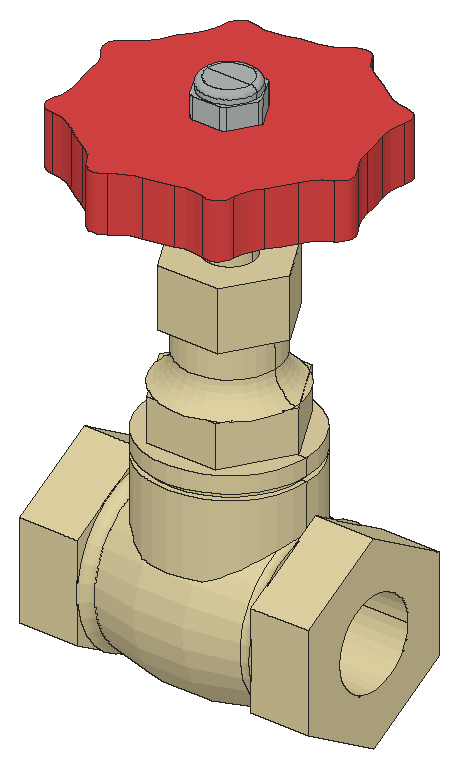
Revit family "DA04100000", category Apparecchi idraulici, Revit 2020
Family settings
  Quota connettore circolare = Usa diametro
  Tipo di parte = Normale
  Numero OmniClass = 23.45.00.00
  Titolo OmniClass = Sanitary, Laundry, and Cleaning Equipment
  Basato su piano di lavoro = No
  Sempre verticale = Sì
  Taglio con vuoti quando caricato = No
  Condiviso = No
  Punto di calcolo locali = No
Parameters
  URL = "https://web.cimberio.com/index.php/figura/672?subcategoria_id="
  Temperatura di esercizio = "-10 ÷ 170°C"
  Prospetto di default = 0 mm
  Produttore = "CIMBERIO SPA"
  Pressione nominale = "PN 16"
  Modello = "Cim 75"
  Materiale = "Prodotto in lega di ottone conforme alla norma EN 12165-CW617N-DW"
  Descrizione = "Utilizzato nei più svariati settori dell’impiantistica ed in ogni applicazione industriale ed agricola dove è richiesta una regolazione: impianti di riscaldamento, idrici, igienico sanitari, aria compressa, reti di distribuzione vapore saturo, olii, benzine, petrolio ed altri idrocarburi e in generale con ogni fluido non corrosivo"
  DN Model [instance] = DA04101015 : DA04101015
  DN [instance] = 15 mm
  Commenti sul tipo = "Realizzato in ottemperanza ai requisiti gestionali della norma EN ISO 9001.\r\nCollaudato al 100% secondo la normativa EN 12266-1"
Reference planes
  plane 1 "Centro (Fronte/Retro)": y = 0
  plane 2: z = 0
  plane 3 "Centro (Sinistra/Destra)": x = 0
Dimensions and locks
  aligned and locked: level to plane 2
Nested families
  nested 1: "DA04101015" at (0, 0, 0), type <- "DN Model", type "DA04101015"
  nested 2: "DA04101015" at (0, 0, 0), type <- "DN Model", type "DA04101015"
  nested 3: "DA04101015" at (0, 0, 0), type <- "DN Model", type "DA04101015"
  nested 4: "DA04101015" at (0, 0, 0), type <- "DN Model", type "DA04101015"
  nested 5: "DA04101015" at (0, 0, 0), type <- "DN Model", type "DA04101015"
  nested 6: "DA04101015" at (0, 0, 0), type <- "DN Model", type "DA04101015"
  nested 7: "DA04101015" at (0, 0, 0), type <- "DN Model", type "DA04101015"
  nested 8: "DA04101015" at (0, 0, 0), type <- "DN Model", type "DA04101015"
  nested 9: "DA04101015" at (0, 0, 0), type <- "DN Model", type "DA04101015"
Connectors
  piping at (25, 0, 0), diameter 15, driven by "DN"
    settings: on nested 1, index 1, connector inside diameter 609.6 mm, connector length 0 mm, flow factor 0, pipe flow 0.0 L/s, pressure drop 0.0 Pa, fitting loss kfactor 0, connector angle 0.00°, fixture units 0, engagement length 0 mm, angle of deflection 0.00°, flow configuration 0, flow direction 0, fitting loss method 0, system type 7, joint type 0, gender type 0, connector reference index -1, connector utility 0, adjustable connector no, is connector primary yes, connector description ""
  piping at (-25, 0, 0), diameter 15, driven by "DN"
    settings: on nested 1, index 2, connector inside diameter 609.6 mm, connector length 0 mm, flow factor 0, pipe flow 0.0 L/s, pressure drop 0.0 Pa, fitting loss kfactor 0, connector angle 0.00°, fixture units 0, engagement length 0 mm, angle of deflection 0.00°, flow configuration 0, flow direction 0, fitting loss method 0, system type 7, joint type 0, gender type 0, connector reference index -1, connector utility 0, adjustable connector no, is connector primary no, connector description ""
Definition of nested family "DA04101015"
  Parameters (values of type "DA04101015")
    Default Elevation = 0 mm
  Reference planes
    plane 1 "Centro (Fronte/Retro)": y = 0
    plane 2: z = 0
    plane 3 "Centro (Sinistra/Destra)": x = 0
  Forms (mm)
    Revolve 1, solid
      sketch origin (0, 0, 0) x (1, 0, 0) y (0, 0, 1)
        loop
          line (-14.944, -7.5) -> (-14.944, -14.342)
          arc (-14.944, -14.342) -> (-13.941, -13.466) -> (-12.611, -13.419) r 1.987
          arc (-12.611, -13.419) -> (-0.009, -15.365) -> (12.592, -13.419) r 41.77
          arc (12.592, -13.419) -> (14.011, -13.499) -> (15.02, -14.5) r 2.003
          line (15.02, -14.5) -> (15.02, -7.5) -> (-14.944, -7.5)
        axis (-14.944, 0) -> (15.02, 0)
      angle from 0 to 360
    Extrusion 2, solid
      sketch origin (0, 0, 0) x (0, 1, 0) y (0, 0, 1)
        loop
          circle (0, 0) r 7.5
        loop
          line (0, 16.25) -> (-14.073, 8.125) -> (-14.073, -8.125) -> (0, -16.25) -> (14.073, -8.125) -> (14.073, 8.125) -> (0, 16.25)
      from -25 to -14.944
    Revolve 3, solid
      sketch origin (0, 0, 0) x (1, 0, 0) y (0, 0, 1)
        loop
          line (0, 24.866) -> (-13.5, 24.866) -> (-13.5, 22) -> (-12.5, 22) -> (-12.5, 21) -> (-13.5, 21) -> (-13.5, 8.117) -> (0, 8.117) -> (0, 24.866)
        axis (0, 24.866) -> (0, 8.117)
      angle from 0 to 360
    Extrusion 4, solid
      sketch origin (0, 0, 0) x (0, -1, 0) y (1, 0, 0)
        loop
          line (0, -12) -> (10.392, -6) -> (10.392, 6) -> (0, 12) -> (-10.392, 6) -> (-10.392, -6) -> (0, -12)
      from 24.866 to 31.987
    Revolve 5, solid
      sketch origin (0, 0, -4.817) x (1, 0, 0) y (0, 0, 1)
        loop
          line (0, 48) -> (-7.95, 48) -> (-8, 41.503)
          arc (-8, 41.503) -> (-8.914, 38.642) -> (-11.29, 36.804) r 5.056
          line (-11.29, 36.804) -> (0, 36.804) -> (0, 48)
        axis (0, 48) -> (0, 36.804)
      angle from 0 to 360
    Extrusion 6, solid
      sketch origin (0, 0, 0) x (0, -1, 0) y (1, 0, 0)
        loop
          line (0, -10.4) -> (9.007, -5.2) -> (9.007, 5.2) -> (0, 10.4) -> (-9.007, 5.2) -> (-9.007, -5.2) -> (0, -10.4)
      from 42 to 52
    Revolve 7, solid
      sketch origin (0, 0, -2.5) x (1, 0, 0) y (0, 0, 1)
        loop
          line (-8, 67) -> (-8, 65.501)
          arc (-8, 65.501) -> (-7.853, 65.147) -> (-7.499, 65) r 0.501
          line (-7.499, 65) -> (-4, 65) -> (-4, 54.373) -> (0, 54.373) -> (0, 67) -> (-8, 67)
        axis (0, 67) -> (0, 54.373)
      angle from 0 to 360
    Extrusion 8, solid
      sketch origin (0.001, 0, 0) x (0.934985, 0.354687, 0) y (-0.354687, 0.934985, 0)
        loop
          line (-1.377, 5.329) -> (-4.94, 2.419)
          arc (-4.94, 2.419) -> (-5.249, 1.991) -> (-5.302, 1.465) r 1.021
          line (-5.302, 1.465) -> (-4.565, -3.074)
          arc (-4.565, -3.074) -> (-4.349, -3.551) -> (-3.924, -3.858) r 1.012
          line (-3.924, -3.858) -> (0.37, -5.486)
          arc (0.37, -5.486) -> (0.9, -5.54) -> (1.387, -5.321) r 1.03
          line (1.387, -5.321) -> (4.931, -2.427)
          arc (4.931, -2.427) -> (5.246, -1.989) -> (5.3, -1.452) r 1.042
          line (5.3, -1.452) -> (4.567, 3.058)
          arc (4.567, 3.058) -> (4.346, 3.549) -> (3.909, 3.863) r 1.04
          line (3.909, 3.863) -> (-0.382, 5.491)
          arc (-0.382, 5.491) -> (-0.901, 5.543) -> (-1.377, 5.329) r 1.007
      from 73 to 77.5
    Revolve 9, solid
      sketch origin (0, 0, -1.69) x (1, 0, 0) y (0, 0, 1)
        loop
          line (0, 81) -> (0, 79.19) -> (4.75, 79.19) -> (4.75, 80)
          arc (4.75, 80) -> (4.457, 80.707) -> (3.75, 81) r 1
          line (3.75, 81) -> (0, 81)
        axis (0, 81) -> (0, 79.19)
      angle from 0 to 360
    Extrusion 10, solid
      sketch origin (0, 0, 0) x (1, 0, 0) y (0, 1, 0)
        loop
          spline (-11.968, 20.777) -> (-12.425, 20.871) -> (-12.866, 20.906) -> (-13.287, 20.88) -> (-13.682, 20.795) -> (-14.047, 20.652) -> (-14.377, 20.452) -> (-14.669, 20.197) -> (-14.918, 19.891) -> (-15.122, 19.537) -> (-15.278, 19.14) -> (-15.384, 18.705) -> (-15.439, 18.236)
          arc (-15.439, 18.236) -> (-15.956, 15.864) -> (-17.167, 13.758) r 7.932
          arc (-17.167, 13.758) -> (-18.555, 11.82) -> (-19.725, 9.743) r 22
          arc (-19.725, 9.743) -> (-21.109, 7.745) -> (-23.054, 6.285) r 7.604
          spline (-23.054, 6.285) -> (-23.461, 6.032) -> (-23.815, 5.747) -> (-24.111, 5.431) -> (-24.346, 5.09) -> (-24.516, 4.728) -> (-24.619, 4.349) -> (-24.654, 3.958) -> (-24.621, 3.559) -> (-24.52, 3.159) -> (-24.352, 2.761) -> (-24.12, 2.371) -> (-23.826, 1.994)
          arc (-23.826, 1.994) -> (-22.509, -0.058) -> (-21.868, -2.41) r 8.033
          arc (-21.868, -2.41) -> (-21.479, -4.762) -> (-20.837, -7.058) r 22
          arc (-20.837, -7.058) -> (-20.41, -9.45) -> (-20.746, -11.858) r 7.744
          spline (-20.746, -11.858) -> (-20.855, -12.32) -> (-20.903, -12.769) -> (-20.891, -13.198) -> (-20.818, -13.602) -> (-20.686, -13.976) -> (-20.495, -14.316) -> (-20.248, -14.618) -> (-19.949, -14.877) -> (-19.601, -15.09) -> (-19.208, -15.255) -> (-18.776, -15.371) -> (-18.308, -15.434)
          arc (-18.308, -15.434) -> (-15.903, -15.958) -> (-13.759, -17.167) r 8.269
          arc (-13.759, -17.167) -> (-11.821, -18.555) -> (-9.743, -19.725) r 22
          arc (-9.743, -19.725) -> (-7.757, -21.119) -> (-6.287, -23.051) r 7.912
          spline (-6.287, -23.051) -> (-6.033, -23.46) -> (-5.747, -23.815) -> (-5.43, -24.112) -> (-5.088, -24.347) -> (-4.724, -24.517) -> (-4.343, -24.62) -> (-3.95, -24.654) -> (-3.55, -24.62) -> (-3.147, -24.516) -> (-2.748, -24.346) -> (-2.357, -24.111) -> (-1.979, -23.813)
          arc (-1.979, -23.813) -> (0.061, -22.492) -> (2.41, -21.868) r 7.748
          arc (2.41, -21.868) -> (4.762, -21.479) -> (7.058, -20.837) r 22
          arc (7.058, -20.837) -> (9.442, -20.417) -> (11.84, -20.741) r 7.867
          spline (11.84, -20.741) -> (12.31, -20.853) -> (12.766, -20.903) -> (13.201, -20.891) -> (13.611, -20.816) -> (13.99, -20.679) -> (14.334, -20.483) -> (14.637, -20.229) -> (14.896, -19.922) -> (15.109, -19.564) -> (15.271, -19.161) -> (15.382, -18.717) -> (15.439, -18.238)
          arc (15.439, -18.238) -> (15.934, -15.856) -> (17.167, -13.759) r 7.487
          arc (17.167, -13.759) -> (18.555, -11.821) -> (19.725, -9.743) r 22
          arc (19.725, -9.743) -> (21.126, -7.76) -> (23.054, -6.285) r 8.056
          spline (23.054, -6.285) -> (23.463, -6.032) -> (23.817, -5.745) -> (24.114, -5.428) -> (24.348, -5.086) -> (24.518, -4.722) -> (24.62, -4.341) -> (24.654, -3.948) -> (24.619, -3.549) -> (24.516, -3.147) -> (24.346, -2.748) -> (24.111, -2.357) -> (23.813, -1.979)
          arc (23.813, -1.979) -> (22.516, 0.071) -> (21.868, 2.41) r 8.284
          arc (21.868, 2.41) -> (21.479, 4.762) -> (20.837, 7.058) r 22
          arc (20.837, 7.058) -> (20.407, 9.418) -> (20.727, 11.795) r 7.666
          spline (20.727, 11.795) -> (20.846, 12.275) -> (20.902, 12.739) -> (20.892, 13.184) -> (20.818, 13.602) -> (20.68, 13.988) -> (20.48, 14.337) -> (20.221, 14.645) -> (19.906, 14.908) -> (19.539, 15.121) -> (19.125, 15.282) -> (18.67, 15.39) -> (18.179, 15.442)
          arc (18.179, 15.442) -> (15.833, 15.955) -> (13.759, 17.167) r 7.692
          arc (13.759, 17.167) -> (11.821, 18.555) -> (9.743, 19.725) r 22
          arc (9.743, 19.725) -> (7.755, 21.12) -> (6.285, 23.054) r 7.902
          spline (6.285, 23.054) -> (6.03, 23.465) -> (5.741, 23.821) -> (5.422, 24.119) -> (5.077, 24.353) -> (4.71, 24.522) -> (4.326, 24.623) -> (3.931, 24.654) -> (3.528, 24.616) -> (3.124, 24.508) -> (2.723, 24.333) -> (2.33, 24.092) -> (1.951, 23.788)
          arc (1.951, 23.788) -> (-0.079, 22.486) -> (-2.41, 21.868) r 7.781
          arc (-2.41, 21.868) -> (-4.762, 21.479) -> (-7.058, 20.837) r 22
          arc (-7.058, 20.837) -> (-9.509, 20.444) -> (-11.968, 20.777) r 8.484
        loop
          line (-3.177, 4.495) -> (-5.477, 0.51)
          arc (-5.477, 0.51) -> (-5.613, 0) -> (-5.477, -0.511) r 1.021
          line (-5.477, -0.511) -> (-3.177, -4.492)
          arc (-3.177, -4.492) -> (-2.806, -4.863) -> (-2.3, -4.998) r 1.012
          line (-2.3, -4.998) -> (2.292, -4.998)
          arc (2.292, -4.998) -> (2.807, -4.86) -> (3.184, -4.482) r 1.03
          line (3.184, -4.482) -> (5.472, -0.52)
          arc (5.472, -0.52) -> (5.611, 0.001) -> (5.471, 0.522) r 1.042
          line (5.471, 0.522) -> (3.186, 4.479)
          arc (3.186, 4.479) -> (2.805, 4.86) -> (2.285, 4.999) r 1.04
          line (2.285, 4.999) -> (-2.304, 4.999)
          arc (-2.304, 4.999) -> (-2.808, 4.864) -> (-3.177, 4.495) r 1.007
      from 64.5 to 73.947
    Extrusion 11, solid
      sketch origin (0, 0, 0) x (0, 1, 0) y (0, 0, -1)
        loop
          circle (0, 0) r 7.5
        loop
          line (0, -16.25) -> (14.073, -8.125) -> (14.073, 8.125) -> (0, 16.25) -> (-14.073, 8.125) -> (-14.073, -8.125) -> (0, -16.25)
      from -25 to -14.944
  Dimensions and locks
    aligned and locked: level to plane 2
